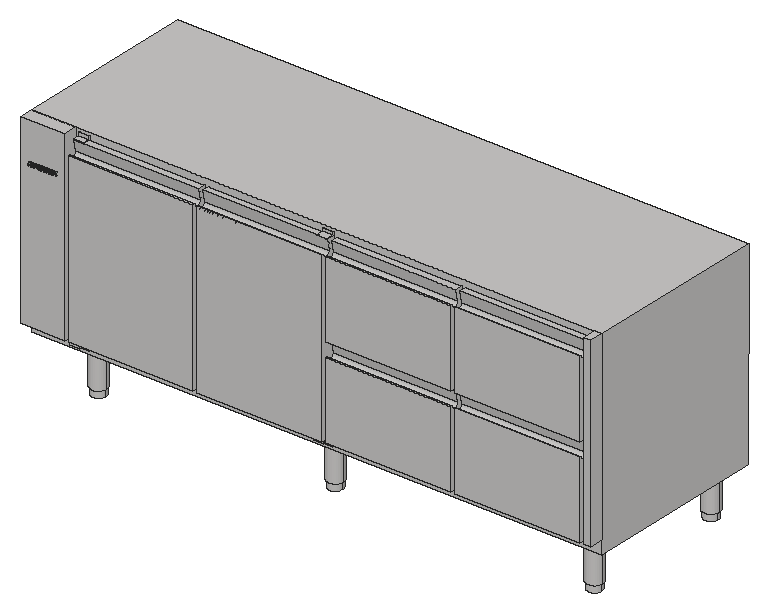
Revit family "QF_ALPENINOX_712184_AK4R8AABB", category Attrezzature speciali, Revit 2018
Family settings
  Quota connettore circolare = Usa diametro
  Tipo di parte = Normale
  Basato su piano di lavoro = No
  Sempre verticale = Sì
  Taglio con vuoti quando caricato = No
  Condiviso = No
  Punto di calcolo locali = No
Parameters (values of type "Standard")
  Weight = 109.00 kg
  Watts = 30 W
  Volts = 220 V
  URL Manufacturer = "http://www.alpeninox.com"
  URL = "http://www.alpeninox.com"
  Steam Supply Size = 0 mm
  Steam Supply Minimum Pressure = 0.0 Pa
  Steam Supply Maximum Pressure = 0.0 Pa
  Steam Consumption per Hour = 0
  Refrigeration Suction Line Size = 9.5 mm
  Refrigeration Liquid Line Size = 8 mm
  Refrigerant Compressor Remote = yes
  Produttore = "Alpeninox"
  Phase = 1
  Modello = "AK4R8AABB"
  Length Actual = 2011 mm  # constant formula
  Item Number = "712184"
  Hot Water Size = 0 mm
  Height Actual = 850 mm  # constant formula
  HP = "0 HP"
  Gas Size = 0 mm
  Gas KW = 0
  Gas Input Pressure = 0 W
  Direct Waste Size = 0 mm
  Descrizione = "2-DOOR AND 4X1/2-DRAWER REFRIGERATED COUNTER, -2+10°C, FULL AISI 304, WITHOUT WORK TOP, REMOTE"
  Depth Actual = 700 mm  # constant formula
  Cycle = 50 Hz
  Condensate Return Size = 0 mm
  Compressed Air Volume = 0.0 L/s
  Compressed Air Size = 0 mm
  Compressed Air Pressure = 0.0 Pa
  Cold Water Size = 0 mm
  Accessory = yes
Types (2, lengths in mm): name | URL | Refrigeration Suction Line Size | Refrigeration Liquid Line Size | Produttore | Phase | Modello | Descrizione
  (no name) | 0 | 0 | 0 | 0 | 0 | 0 | 0
  Standard | "http://www.alpeninox.com" | 9.5 | 8 | "Alpeninox" | 1 | "AK4R8AABB" | "2-DOOR AND 4X1/2-DRAWER REFRIGERATED COUNTER, -2+10°C, FULL AISI 304, WITHOUT WORK TOP, REMOTE"
Values of the unnamed type that differ from the named types
  Weight = 0.00 kg
  Watts = 0 W
  Volts = 0 V
  URL Manufacturer = ""
  Item Number = ""
  HP = ""
  Cycle = 0 Hz
Reference planes
  plane 1: z = 0
  plane 2 "Center (Left/Right)": x = -124.5
  plane 3 "Center (Front/Back)": y = 64.5
  plane 4 "FEET": z = 150
  plane 5 "TOP": z = 900
  plane 6 "PLAIN": z = 850
  plane 7 "EI_back": y = 349
  plane 8 "EI_left": x = -1064
  plane 9 "BACK": y = 412
  plane 10 "FRONT": y = -283
  plane 11 "DOOR": y = -233
  plane 12 "LEFT": x = -1130
  plane 13 "RIGHT": x = 881
  plane 14: x = -1105
  plane 15: x = 856
  plane 16 "RO_left": x = -1049
  plane 17 "RI_left": x = -1024
  plane 18 "RO_back": y = 54
  plane 19 "RI_back": y = 54
  plane 20 "DRAINleft": x = -1064
  plane 21 "DRAINback": y = 164
Forms (mm)
  Extrusion 1, solid, material "QF_Finishes_Stainless Steel"
    sketch origin (-1022.223, -1524, 150) x (-1, 0, 0) y (0, -1, 0)
      loop
        circle (41.777, -1873) r 5
    from 0 to -40
  Extrusion 2, solid, material "QF_Finishes_Stainless Steel"
    sketch origin (-1022.223, -1524, 150) x (-1, 0, 0) y (0, -1, 0)
      loop
        line (-1878.223, -1291) -> (-1878.223, -1241) -> (-1903.223, -1241) -> (-1903.223, -1291) -> (-1878.223, -1291)
    from 48 to 700
  Extrusion 3, solid, material "QF_Finishes_Stainless Steel"
    sketch origin (-1022.223, -1524, 150) x (-1, 0, 0) y (0, -1, 0)
      loop
        circle (26.777, -1578) r 4.25
    from 0 to -20
  Extrusion 4, solid, material "QF_Finishes_Stainless Steel"
    sketch origin (-1022.223, -1524, 150) x (-1, 0, 0) y (0, -1, 0)
      loop
        circle (1.777, -1578) r 4
    from 0 to -20
  Extrusion 5, solid, material "QF_Finishes_Stainless Steel"
    sketch origin (-1022.223, -1524, 150) x (-1, 0, 0) y (0, -1, 0)
      loop
        circle (41.777, -1688) r 8.5
    from 0 to -40
  Extrusion 6, solid, material "QF_Finishes_Stainless Steel"
    sketch origin (-1022.223, -1524, 150) x (-1, 0, 0) y (0, -1, 0)
      loop
        line (107.777, -1936) -> (107.777, -1291) -> (-1903.223, -1291) -> (-1903.223, -1936) -> (107.777, -1936)
    from 0 to 700
Lines and regions (mm)
  symbolic lines, style "SpecialityEquipmentHiddenLines"
    curve 1: line (-1130, 412, 150) -> (881, 412, 150)
    curve 2: line (-1130, -283, 150) -> (-1130, 412, 150)
    curve 3: line (881, -283, 150) -> (-1130, -283, 150)
    curve 4: line (881, 412, 150) -> (881, -283, 150)
    curve 5: line (-1130, -233, 150) -> (881, -233, 150)
    curve 6: line (856, -233, 150) -> (856, -283, 150)
Dimensions and locks
  plane 4 "FEET" to level = 150 mm
  plane 11 "DOOR" to plane 10 "FRONT" = 50 mm
  plane 6 "PLAIN" to plane 4 "FEET" = 700 mm
  plane 5 "TOP" to plane 6 "PLAIN" = 50 mm
  plane 12 "LEFT" to plane 14 = 25 mm
  plane 15 to plane 13 "RIGHT" = 25 mm
  plane 9 "BACK" to plane 18 "RO_back" = 358 mm
  plane 9 "BACK" to plane 7 "EI_back" = 63 mm
  plane 9 "BACK" to plane 19 "RI_back" = 358 mm
  plane 9 "BACK" to plane 21 "DRAINback" = 248 mm
  plane 12 "LEFT" to plane 20 "DRAINleft" = 66 mm
  plane 12 "LEFT" to plane 8 "EI_left" = 66 mm
  plane 12 "LEFT" to plane 17 "RI_left" = 106 mm
  plane 12 "LEFT" to plane 16 "RO_left" = 81 mm
  plane 9 "BACK" to plane 10 "FRONT" = 695 mm
  equal spacing: plane 9 "BACK", plane 3 "Center (Front/Back)", plane 10 "FRONT"
  plane 12 "LEFT" to plane 13 "RIGHT" = 2011 mm
  equal spacing: plane 12 "LEFT", plane 2 "Center (Left/Right)", plane 13 "RIGHT"
  aligned and locked: level to plane 1
Automatic sketch dimensions
  Extrusion 1 sketch curve to plane 7 "EI_back" = 0 mm
  Extrusion 1 sketch curve to plane 8 "EI_left" = 0 mm
  Extrusion 2 sketch curve to plane 11 "DOOR" = 0 mm
  Extrusion 2 sketch curve to plane 13 "RIGHT" = 0 mm
  Extrusion 2 sketch curve to plane 10 "FRONT" = 0 mm
  Extrusion 2 sketch curve to plane 15 = 0 mm
  Extrusion 3 sketch curve to plane 16 "RO_left" = 0 mm
  Extrusion 3 sketch curve to plane 18 "RO_back" = 0 mm
  Extrusion 4 sketch curve to plane 17 "RI_left" = 0 mm
  Extrusion 4 sketch curve to plane 19 "RI_back" = 0 mm
  Extrusion 5 sketch curve to plane 20 "DRAINleft" = 0 mm
  Extrusion 5 sketch curve to plane 21 "DRAINback" = 0 mm
  Extrusion 6 sketch curve to plane 9 "BACK" = 0 mm
  Extrusion 6 sketch curve to plane 13 "RIGHT" = 0 mm
  Extrusion 6 sketch curve to plane 11 "DOOR" = 0 mm
  Extrusion 6 sketch curve to plane 12 "LEFT" = 0 mm
  curve 1 to plane 13 "RIGHT" = 0 mm
  curve 6 to plane 15 = 0 mm
  curve 5 to plane 11 "DOOR" = 0 mm
  curve 5 to plane 12 "LEFT" = 0 mm
  curve 6 to plane 10 "FRONT" = 0 mm
  curve 1 to plane 9 "BACK" = 0 mm
  radius of Extrusion 1 sketch curve = 5 mm
  radius of Extrusion 3 sketch curve = 4.25 mm
  radius of Extrusion 4 sketch curve = 4 mm
  radius of Extrusion 5 sketch curve = 8.5 mm
Nested families
  nested 1: "HPC_Refrigerator" at (881, -283, 0), type "HPC_Refrigerator"
  nested 2: "HPC_FEET" at (-934, 331, 0), type "HPC_FEET"
  nested 3: "HPC_FEET" at (815, 331, 0), type "HPC_FEET"
  nested 4: "HPC_FEET" at (-934, -183, 0), type "HPC_FEET"
  nested 5: "HPC_FEET" at (815, -183, 0), type "HPC_FEET"
  nested 6: "HPC_FEET" at (-99, -183, 0), type "HPC_FEET"
  nested 7: "HPC_APX_REM_TN_L" at (-973.08, -233, 598) x (1, 0, 0) z (0, -1, 0), type "HPC_APX_REM_TN_L"
    with Show Logo yes
  nested 8: "HPC_APX_SD_L" at (-740, -233, 512) x (1, 0, 0) z (0, -1, 0), type "HPC_APX_SD_L"
    with Show Clearance yes
  nested 9: "HPC_APX_SD_R" at (-286, -233, 512) x (1, 0, 0) z (0, -1, 0), type "HPC_APX_SD_R"
    with Show Clearance yes
  nested 10: "HPC_APX_HALF" at (168, -233, 512) x (1, 0, 0) z (0, -1, 0), type "HPC_APX_HALF"
    with Show Clearance yes
  nested 11: "HPC_APX_HALF" at (622, -233, 512) x (1, 0, 0) z (0, -1, 0), type "HPC_APX_HALF"
    with Show Clearance yes
Connectors
  electrical at (-1064, 349, 110), driven by "Volts"
    settings: on Extrusion 1, index 1, voltage 220 V, apparent load 0 VA, apparent load phase1 0 VA, apparent load phase2 0 VA, apparent load phase3 0 VA, power factor 1, load classification "Other", number of poles 1, system type 31, power factor state 1, is connector primary yes, connector utility no, sub classification motor no, connector description "Electrical Connection"
  piping at (-1049, 54, 130), diameter 9.5, driven by "Refrigeration Suction Line Size"
    settings: on Extrusion 3, index 3, connector inside diameter 609.6 mm, connector length 0 mm, flow factor 0, pipe flow 0.0 L/s, pressure drop 0.0 Pa, fitting loss kfactor 0, connector angle 0.00°, fixture units 0, engagement length 0 mm, angle of deflection 0.00°, flow configuration 1, flow direction 2, fitting loss method 0, system type 8, joint type 0, gender type 0, connector reference index -1, connector utility 0, adjustable connector no, is connector primary yes, connector description "Refrigerant Outlet"
  piping at (-1024, 54, 130), diameter 8, driven by "Refrigeration Liquid Line Size"
    settings: on Extrusion 4, index 4, connector inside diameter 609.6 mm, connector length 0 mm, flow factor 0, pipe flow 0.0 L/s, pressure drop 0.0 Pa, fitting loss kfactor 0, connector angle 0.00°, fixture units 0, engagement length 0 mm, angle of deflection 0.00°, flow configuration 1, flow direction 1, fitting loss method 0, system type 7, joint type 0, gender type 0, connector reference index -1, connector utility 0, adjustable connector no, is connector primary no, connector description "Refrigerant Inlet"
  piping at (-1064, 164, 110), diameter 17
    settings: on Extrusion 5, index 5, connector inside diameter 609.6 mm, connector length 0 mm, flow factor 0, pipe flow 0.0 L/s, pressure drop 0.0 Pa, fitting loss kfactor 0, connector angle 0.00°, fixture units 0, engagement length 0 mm, angle of deflection 0.00°, flow configuration 1, flow direction 2, fitting loss method 0, system type 16, joint type 0, gender type 0, connector reference index -1, connector utility 0, adjustable connector no, is connector primary no, connector description "Drain"
Definition of nested family "HPC_FEET"
  Parameters
    FEET = 150 mm
  Reference planes
    plane 1 "Center (Front/Back)": y = 0
    plane 2: z = 0
    plane 3 "Center (Left/Right)": x = 0
    plane 4: z = 150
  Forms (mm)
    Revolve 1, solid
      sketch origin (255.05, 0, 608.09) x (0, 0, 1) y (-1, 0, 0)
        loop
          line (-608.09, 255.05) -> (-608.09, 230.05) -> (-583.09, 230.05) -> (-583.09, 226.05) -> (-458.09, 226.05) -> (-458.09, 255.05) -> (-608.09, 255.05)
        axis (-608.09, 255.05) -> (-458.09, 255.05)
      angle from 0 to 360
  Dimensions and locks
    locked: Revolve 1 sketch curve to Revolve 1 sketch curve at 125
    "FEET": plane 4 to plane 2
    aligned and locked: level to plane 2
    aligned and locked: plane 4 to Revolve 1 sketch curve
    aligned and locked: Revolve 1 sketch curve to level
    aligned and locked: plane 3 "Center (Left/Right)" to Revolve 1 sketch curve
  Automatic sketch dimensions
    Revolve 1 sketch curve to plane 3 "Center (Left/Right)" = 0 mm
    Revolve 1 sketch curve to Revolve 1 sketch curve = 25 mm
    Revolve 1 sketch curve to Revolve 1 sketch curve = 29 mm
    plane 4 to Revolve 1 sketch curve = 50 mm
    Revolve 1 sketch curve to Revolve 1 sketch curve = 20 mm
Definition of nested family "HPC_APX_REM_TN_L"
  Parameters
    Show Logo [instance] = yes
    Default Elevation = 1219.2 mm
  Reference planes
    plane 1 "Centro (Fronte/Retro)": y = -74
    plane 2: z = 0
    plane 3 "Centro (Sinistra/Destra)": x = -78.92
  Forms (mm)
    Extrusion 1, solid
      sketch origin (0, 0, 0) x (1, 0, 0) y (0, 1, 0)
        loop
          line (-1219.2, 1219.2) -> (-1219.2, -1219.2) -> (1219.2, -1219.2) -> (1219.2, 1219.2) -> (-1219.2, 1219.2)
      from 0 to -304.8
    Extrusion 2, solid
      sketch origin (1.08, 0, 0) x (1, 0, 0) y (0, 1, 0)
        loop
          line (-158, 252) -> (-158, -400) -> (-2, -400) -> (-2, 252) -> (-158, 252)
      from 0 to 50
    Extrusion 3, solid
      sketch origin (44.22, -49.023, 0) x (1, 0, 0) y (0, 1, 0)
        loop
          line (-168.675, 170.349) -> (-172.411, 160.318)
          arc (-172.411, 160.318) -> (-171.624, 158.497) -> (-169.837, 159.36) r 1.374
          line (-169.837, 159.36) -> (-169.268, 161.111) -> (-164.1, 161.111) -> (-163.54, 159.379)
          arc (-163.54, 159.379) -> (-161.802, 158.542) -> (-161.049, 160.318) r 1.333
          line (-161.049, 160.318) -> (-164.694, 170.349)
          arc (-164.694, 170.349) -> (-166.685, 171.876) -> (-168.675, 170.349) r 2.06
        loop
          line (-166.681, 169.055) -> (-168.469, 163.655) -> (-164.935, 163.655) -> (-166.681, 169.055)
        loop
          arc (-159.705, 160.042) -> (-159.262, 158.973) -> (-158.194, 158.531) r 1.512
          line (-158.194, 158.531) -> (-153.608, 158.531)
          arc (-153.608, 158.531) -> (-152.337, 159.802) -> (-153.608, 161.074) r 1.272
          line (-153.608, 161.074) -> (-156.917, 161.074) -> (-156.917, 170.328)
          arc (-156.917, 170.328) -> (-158.311, 171.722) -> (-159.705, 170.328) r 1.394
          line (-159.705, 170.328) -> (-159.705, 160.042)
        loop
          line (-151.076, 170.218) -> (-151.076, 159.859)
          arc (-151.076, 159.859) -> (-149.683, 158.466) -> (-148.29, 159.859) r 1.393
          line (-148.29, 159.859) -> (-148.29, 162.882) -> (-146.225, 162.882)
          arc (-146.225, 162.882) -> (-142.999, 163.859) -> (-141.608, 166.928) r 4.082
          arc (-141.608, 166.928) -> (-142.993, 170.272) -> (-146.336, 171.657) r 4.728
          line (-146.336, 171.657) -> (-149.638, 171.657)
          arc (-149.638, 171.657) -> (-150.655, 171.235) -> (-151.076, 170.218) r 1.439
        loop
          line (-148.29, 165.313) -> (-146.388, 165.313)
          arc (-146.388, 165.313) -> (-144.433, 167.268) -> (-146.388, 169.222) r 1.955
          line (-146.388, 169.222) -> (-148.29, 169.222) -> (-148.29, 165.313)
        loop
          arc (-131.184, 166.332) -> (-132.004, 168.2) -> (-133.767, 169.228) r 3.3
          arc (-133.767, 169.228) -> (-136.353, 168.661) -> (-137.611, 166.332) r 3.176
          line (-137.611, 166.332) -> (-131.184, 166.332)
        loop
          line (-137.538, 163.743) -> (-130.544, 163.743)
          arc (-130.544, 163.743) -> (-129.292, 163.916) -> (-128.301, 164.701) r 2.4
          arc (-128.301, 164.701) -> (-128.155, 165.545) -> (-128.212, 166.399) r 3.635
          arc (-128.212, 166.399) -> (-130.364, 170.162) -> (-134.39, 171.769) r 6.579
          arc (-134.39, 171.769) -> (-138.918, 169.706) -> (-140.661, 165.044) r 6.501
          arc (-140.661, 165.044) -> (-139.276, 160.789) -> (-135.401, 158.549) r 6.252
          arc (-135.401, 158.549) -> (-132.922, 158.526) -> (-130.544, 159.232) r 8.361
          arc (-130.544, 159.232) -> (-129.466, 159.781) -> (-128.641, 160.666) r 3.486
          arc (-128.641, 160.666) -> (-128.419, 161.592) -> (-128.828, 162.451) r 1.425
          arc (-128.828, 162.451) -> (-129.368, 162.762) -> (-129.99, 162.762) r 1.203
          arc (-129.99, 162.762) -> (-130.406, 162.59) -> (-130.764, 162.316) r 1.724
          arc (-130.764, 162.316) -> (-131.666, 161.705) -> (-132.646, 161.229) r 7.6
          arc (-132.646, 161.229) -> (-135.676, 161.35) -> (-137.538, 163.743) r 3.6
        loop
          line (-126.669, 170.328) -> (-126.669, 159.859)
          arc (-126.669, 159.859) -> (-125.273, 158.463) -> (-123.878, 159.859) r 1.396
          line (-123.878, 159.859) -> (-123.878, 166.785) -> (-117.946, 159.029)
          arc (-117.946, 159.029) -> (-116.361, 158.51) -> (-115.379, 159.859) r 1.417
          line (-115.379, 159.859) -> (-115.379, 170.328)
          arc (-115.379, 170.328) -> (-116.774, 171.723) -> (-118.169, 170.328) r 1.395
          line (-118.169, 170.328) -> (-118.169, 163.311) -> (-124.101, 171.157)
          arc (-124.101, 171.157) -> (-125.687, 171.678) -> (-126.669, 170.328) r 1.418
        loop
          arc (-113.636, 159.859) -> (-112.241, 158.464) -> (-110.847, 159.859) r 1.394
          line (-110.847, 159.859) -> (-110.847, 170.328)
          arc (-110.847, 170.328) -> (-112.241, 171.723) -> (-113.636, 170.328) r 1.394
          line (-113.636, 170.328) -> (-113.636, 159.859)
        loop
          line (-109.102, 170.328) -> (-109.102, 159.859)
          arc (-109.102, 159.859) -> (-107.706, 158.463) -> (-106.31, 159.859) r 1.396
          line (-106.31, 159.859) -> (-106.31, 166.785) -> (-100.378, 159.029)
          arc (-100.378, 159.029) -> (-98.793, 158.51) -> (-97.812, 159.859) r 1.417
          line (-97.812, 159.859) -> (-97.812, 170.328)
          arc (-97.812, 170.328) -> (-99.207, 171.723) -> (-100.602, 170.328) r 1.395
          line (-100.602, 170.328) -> (-100.602, 163.311) -> (-106.533, 171.157)
          arc (-106.533, 171.157) -> (-108.119, 171.678) -> (-109.102, 170.328) r 1.418
        loop
          arc (-96.345, 165.093) -> (-95.619, 161.877) -> (-93.467, 159.379) r 6.806
          arc (-93.467, 159.379) -> (-91.792, 158.566) -> (-89.948, 158.31) r 5.956
          arc (-89.948, 158.31) -> (-88.104, 158.566) -> (-86.43, 159.379) r 5.956
          arc (-86.43, 159.379) -> (-84.277, 161.877) -> (-83.551, 165.093) r 6.806
          arc (-83.551, 165.093) -> (-84.277, 168.31) -> (-86.43, 170.808) r 6.806
          arc (-86.43, 170.808) -> (-88.104, 171.621) -> (-89.948, 171.877) r 5.956
          arc (-89.948, 171.877) -> (-91.792, 171.621) -> (-93.467, 170.808) r 5.956
          arc (-93.467, 170.808) -> (-95.619, 168.31) -> (-96.345, 165.093) r 6.806
        loop
          arc (-93.425, 165.093) -> (-93.138, 163.212) -> (-92.081, 161.629) r 4.387
          arc (-92.081, 161.629) -> (-91.087, 161.049) -> (-89.948, 160.881) r 3.035
          arc (-89.948, 160.881) -> (-88.809, 161.049) -> (-87.815, 161.629) r 3.035
          arc (-87.815, 161.629) -> (-86.759, 163.212) -> (-86.472, 165.093) r 4.387
          arc (-86.472, 165.093) -> (-86.759, 166.975) -> (-87.815, 168.558) r 4.387
          arc (-87.815, 168.558) -> (-88.809, 169.138) -> (-89.948, 169.306) r 3.035
          arc (-89.948, 169.306) -> (-91.087, 169.138) -> (-92.081, 168.558) r 3.035
          arc (-92.081, 168.558) -> (-93.138, 166.975) -> (-93.425, 165.093) r 4.387
        loop
          line (-82.843, 169.609) -> (-79.829, 165.552) -> (-83.513, 160.652)
          arc (-83.513, 160.652) -> (-83.216, 158.692) -> (-81.262, 159.029) r 1.388
          line (-81.262, 159.029) -> (-78.213, 163.232) -> (-75.164, 159.029)
          arc (-75.164, 159.029) -> (-73.211, 158.692) -> (-72.913, 160.652) r 1.388
          line (-72.913, 160.652) -> (-76.597, 165.552) -> (-73.584, 169.609)
          arc (-73.584, 169.609) -> (-73.952, 171.597) -> (-75.908, 171.084) r 1.38
          line (-75.908, 171.084) -> (-78.213, 167.841) -> (-80.519, 171.084)
          arc (-80.519, 171.084) -> (-82.474, 171.597) -> (-82.843, 169.609) r 1.38
      from 50 to 51.6
  Lines and regions (mm)
    Split face 1
      outline origin (1.08, 0, 50) x (1, 0, 0) y (0, 1, 0)
        loop
          line (-2, 188) -> (-158, 188)
    Split face 2
      outline origin (1.08, 0, 50) x (1, 0, 0) y (0, 1, 0)
        loop
          line (-158, 178) -> (-2, 178)
    Split face 3
      outline origin (1.08, 0, 50) x (1, 0, 0) y (0, 1, 0)
        loop
          line (-2, 104) -> (-158, 104)
    Split face 4
      outline origin (1.08, 0, 50) x (1, 0, 0) y (0, 1, 0)
        loop
          line (-2, 94) -> (-158, 94)
    Split face 5
      outline origin (1.08, 0, 50) x (1, 0, 0) y (0, 1, 0)
        loop
          line (-110, 163.931) -> (-110, 134.412) -> (-50, 134.412) -> (-50, 163.931) -> (-110, 163.931)
    Split face 6
      outline origin (1.08, 0, 50) x (1, 0, 0) y (0, 1, 0)
        loop
          line (-70, 160.931) -> (-70, 137.412) -> (-53, 137.412) -> (-53, 160.931) -> (-70, 160.931)
    symbolic lines
      curve 1: line (-2, -74, 50) -> (-2, -74, 0)
  Dimensions and locks
    equal spacing: Extrusion 2, plane 3 "Centro (Sinistra/Destra)", Extrusion 2
    equal spacing: Extrusion 2, plane 1 "Centro (Fronte/Retro)", Extrusion 2
    aligned and locked: plane 2 to Extrusion 1
    aligned and locked: level to Extrusion 1
  Automatic sketch dimensions
    curve 1 to level = 0 mm
    plane 3 "Centro (Sinistra/Destra)" to curve 1 = 76.92 mm
    curve 1 to curve 1 = 50 mm
    Extrusion 1 sketch curve to Extrusion 1 sketch curve = 2438.4 mm  (x2)
    Extrusion 2 sketch curve to plane 3 "Centro (Sinistra/Destra)" = 78 mm
    plane 3 "Centro (Sinistra/Destra)" to Extrusion 2 sketch curve = 78 mm
    plane 1 "Centro (Fronte/Retro)" to Extrusion 2 sketch curve = 326 mm
    Extrusion 2 sketch curve to plane 1 "Centro (Fronte/Retro)" = 326 mm
    Extrusion 3 sketch curve to plane 3 "Centro (Sinistra/Destra)" = 49.27 mm
    Extrusion 3 sketch curve to Extrusion 3 sketch curve = 1.266 mm
    Extrusion 3 sketch curve to Extrusion 3 sketch curve = 1.307 mm
    Extrusion 3 sketch curve to Extrusion 3 sketch curve = 0.57 mm
    Extrusion 3 sketch curve to Extrusion 3 sketch curve = 0.593 mm
    Extrusion 3 sketch curve to Extrusion 3 sketch curve = 0.799 mm
    Extrusion 3 sketch curve to Extrusion 3 sketch curve = 1.99 mm  (x2)
    Extrusion 3 sketch curve to Extrusion 3 sketch curve = 0.003 mm
    Extrusion 3 sketch curve to Extrusion 3 sketch curve = 3.534 mm
    Extrusion 3 sketch curve to Extrusion 3 sketch curve = 0.835 mm
    Extrusion 3 sketch curve to Extrusion 3 sketch curve = 0.56 mm
    Extrusion 3 sketch curve to Extrusion 3 sketch curve = 1.268 mm
    Extrusion 3 sketch curve to Extrusion 3 sketch curve = 1.223 mm
    Extrusion 3 sketch curve to Extrusion 3 sketch curve = 1.344 mm
    Extrusion 3 sketch curve to Extrusion 3 sketch curve = 1.394 mm  (x2)
    Extrusion 3 sketch curve to Extrusion 3 sketch curve = 1.512 mm
    Extrusion 3 sketch curve to Extrusion 3 sketch curve = 3.309 mm
    Extrusion 3 sketch curve to Extrusion 3 sketch curve = 5.841 mm
    Extrusion 3 sketch curve to Extrusion 3 sketch curve = 1.393 mm
    Extrusion 3 sketch curve to Extrusion 3 sketch curve = 1.439 mm
    Extrusion 3 sketch curve to Extrusion 3 sketch curve = 0 mm  (x19)
    Extrusion 3 sketch curve to Extrusion 3 sketch curve = 1.902 mm
    Extrusion 3 sketch curve to Extrusion 3 sketch curve = 0.052 mm
    Extrusion 3 sketch curve to Extrusion 3 sketch curve = 2.065 mm
    Extrusion 3 sketch curve to Extrusion 3 sketch curve = 0.647 mm
    Extrusion 3 sketch curve to Extrusion 3 sketch curve = 8.079 mm
    Extrusion 3 sketch curve to Extrusion 3 sketch curve = 0.073 mm
    Extrusion 3 sketch curve to Extrusion 3 sketch curve = 2.145 mm
    Extrusion 3 sketch curve to Extrusion 3 sketch curve = 2.931 mm
    Extrusion 3 sketch curve to Extrusion 3 sketch curve = 0.213 mm
    Extrusion 3 sketch curve to Extrusion 3 sketch curve = 0.026 mm
    Extrusion 3 sketch curve to Extrusion 3 sketch curve = 0.263 mm
    Extrusion 3 sketch curve to Extrusion 3 sketch curve = 0.516 mm
    Extrusion 3 sketch curve to Extrusion 3 sketch curve = 0.356 mm
    Extrusion 3 sketch curve to Extrusion 3 sketch curve = 0.387 mm
    Extrusion 3 sketch curve to Extrusion 3 sketch curve = 2.378 mm
    Extrusion 3 sketch curve to Extrusion 3 sketch curve = 2.466 mm
    Extrusion 3 sketch curve to Extrusion 3 sketch curve = 0.602 mm
    Extrusion 3 sketch curve to Extrusion 3 sketch curve = 1.02 mm
    Extrusion 3 sketch curve to Extrusion 3 sketch curve = 0.949 mm
    Extrusion 3 sketch curve to Extrusion 3 sketch curve = 1.728 mm
    Extrusion 3 sketch curve to Extrusion 3 sketch curve = 0.157 mm  (x2)
    Extrusion 3 sketch curve to Extrusion 3 sketch curve = 0.292 mm
    Extrusion 3 sketch curve to plane 3 "Centro (Sinistra/Destra)" = 3.529 mm
    Extrusion 3 sketch curve to Extrusion 3 sketch curve = 1.396 mm  (x2)
    Extrusion 3 sketch curve to Extrusion 3 sketch curve = 1.418 mm  (x2)
    Extrusion 3 sketch curve to plane 3 "Centro (Sinistra/Destra)" = 0.96 mm
    plane 3 "Centro (Sinistra/Destra)" to Extrusion 3 sketch curve = 4.971 mm
    Extrusion 3 sketch curve to Extrusion 3 sketch curve = 0.224 mm  (x2)
    Extrusion 3 sketch curve to Extrusion 3 sketch curve = 1.149 mm  (x2)
    Extrusion 3 sketch curve to Extrusion 3 sketch curve = 1.395 mm  (x2)
    Extrusion 3 sketch curve to Extrusion 3 sketch curve = 1.744 mm
    Extrusion 3 sketch curve to Extrusion 3 sketch curve = 1.745 mm
    Extrusion 3 sketch curve to Extrusion 3 sketch curve = 1.151 mm
    Extrusion 3 sketch curve to Extrusion 3 sketch curve = 5.709 mm
    Extrusion 3 sketch curve to Extrusion 3 sketch curve = 6.963 mm
    Extrusion 3 sketch curve to Extrusion 3 sketch curve = 0.493 mm  (x3)
    Extrusion 3 sketch curve to Extrusion 3 sketch curve = 0.273 mm  (x2)
    Extrusion 3 sketch curve to Extrusion 3 sketch curve = 0.021 mm  (x2)
    Extrusion 3 sketch curve to Extrusion 3 sketch curve = 0.226 mm  (x2)
    Extrusion 3 sketch curve to Extrusion 3 sketch curve = 0.268 mm  (x2)
    Extrusion 3 sketch curve to Extrusion 3 sketch curve = 0.294 mm
    Extrusion 3 sketch curve to Extrusion 3 sketch curve = 5.534 mm
    Extrusion 3 sketch curve to Extrusion 3 sketch curve = 6.205 mm
    Extrusion 3 sketch curve to Extrusion 3 sketch curve = 1.109 mm  (x2)
    Extrusion 3 sketch curve to Extrusion 3 sketch curve = 1.108 mm  (x2)
    Extrusion 3 sketch curve to Extrusion 3 sketch curve = 1.142 mm  (x2)
    Extrusion 3 sketch curve to Extrusion 3 sketch curve = 1.216 mm  (x2)
    Extrusion 3 sketch curve to Extrusion 3 sketch curve = 3.013 mm
    Extrusion 3 sketch curve to Extrusion 3 sketch curve = 1.616 mm  (x3)
    Extrusion 3 sketch curve to Extrusion 3 sketch curve = 2.305 mm
    Extrusion 3 sketch curve to Extrusion 3 sketch curve = 3.049 mm
    Extrusion 3 sketch curve to plane 1 "Centro (Fronte/Retro)" = 183.508 mm
    Extrusion 3 sketch curve to Extrusion 3 sketch curve = 0.498 mm
    Extrusion 3 sketch curve to Extrusion 3 sketch curve = 0.682 mm
    Extrusion 3 sketch curve to Extrusion 3 sketch curve = 0.664 mm
    Extrusion 3 sketch curve to Extrusion 3 sketch curve = 0.425 mm
    Extrusion 3 sketch curve to Extrusion 3 sketch curve = 0.41 mm
    Extrusion 3 sketch curve to Extrusion 3 sketch curve = 1.272 mm
    Extrusion 3 sketch curve to Extrusion 3 sketch curve = 0.789 mm  (x2)
    Extrusion 3 sketch curve to Extrusion 3 sketch curve = 0.056 mm
    Extrusion 3 sketch curve to Extrusion 3 sketch curve = 0.83 mm
    Extrusion 3 sketch curve to Extrusion 3 sketch curve = 1.238 mm
    Extrusion 3 sketch curve to Extrusion 3 sketch curve = 1.732 mm
    Extrusion 3 sketch curve to Extrusion 3 sketch curve = 0.346 mm
    Extrusion 3 sketch curve to Extrusion 3 sketch curve = 1.123 mm
    Extrusion 3 sketch curve to Extrusion 3 sketch curve = 3.023 mm
    Extrusion 3 sketch curve to Extrusion 3 sketch curve = 4.203 mm
    Extrusion 3 sketch curve to Extrusion 3 sketch curve = 3.452 mm  (x2)
    Extrusion 3 sketch curve to Extrusion 3 sketch curve = 2.544 mm
    Extrusion 3 sketch curve to Extrusion 3 sketch curve = 1.177 mm
    Extrusion 3 sketch curve to Extrusion 3 sketch curve = 3.261 mm
    Extrusion 3 sketch curve to Extrusion 3 sketch curve = 0.352 mm  (x2)
    Extrusion 3 sketch curve to Extrusion 3 sketch curve = 1.987 mm
    Extrusion 3 sketch curve to Extrusion 3 sketch curve = 0.171 mm
    Extrusion 3 sketch curve to Extrusion 3 sketch curve = 0.533 mm  (x3)
    Extrusion 3 sketch curve to Extrusion 3 sketch curve = 0.14 mm  (x4)
    Extrusion 3 sketch curve to Extrusion 3 sketch curve = 0.473 mm
    Extrusion 3 sketch curve to Extrusion 3 sketch curve = 0.31 mm  (x2)
    Extrusion 3 sketch curve to Extrusion 3 sketch curve = 0.075 mm
    Extrusion 3 sketch curve to Extrusion 3 sketch curve = 2.431 mm
    Extrusion 3 sketch curve to Extrusion 3 sketch curve = 2.32 mm  (x2)
    Extrusion 3 sketch curve to Extrusion 3 sketch curve = 1.992 mm
    Extrusion 3 sketch curve to Extrusion 3 sketch curve = 0.674 mm
    Extrusion 3 sketch curve to Extrusion 3 sketch curve = 0.732 mm
    Extrusion 3 sketch curve to Extrusion 3 sketch curve = 0.388 mm
    Extrusion 3 sketch curve to Extrusion 3 sketch curve = 0.121 mm
    Extrusion 3 sketch curve to Extrusion 3 sketch curve = 2.589 mm
    Extrusion 3 sketch curve to Extrusion 3 sketch curve = 0.662 mm
    Extrusion 3 sketch curve to Extrusion 3 sketch curve = 3.473 mm
    Extrusion 3 sketch curve to Extrusion 3 sketch curve = 0.681 mm
    Extrusion 3 sketch curve to Extrusion 3 sketch curve = 1.615 mm
    Extrusion 3 sketch curve to Extrusion 3 sketch curve = 0.34 mm
    Extrusion 3 sketch curve to Extrusion 3 sketch curve = 2.288 mm
    Extrusion 3 sketch curve to Extrusion 3 sketch curve = 0.942 mm
    Extrusion 3 sketch curve to Extrusion 3 sketch curve = 5.4 mm
    Extrusion 3 sketch curve to Extrusion 3 sketch curve = 1.768 mm  (x2)
    Extrusion 3 sketch curve to Extrusion 3 sketch curve = 0.761 mm
    Extrusion 3 sketch curve to Extrusion 3 sketch curve = 0.996 mm
    Extrusion 3 sketch curve to Extrusion 3 sketch curve = 3.543 mm  (x2)
    Extrusion 3 sketch curve to Extrusion 3 sketch curve = 7.017 mm
    Extrusion 3 sketch curve to Extrusion 3 sketch curve = 0.11 mm
    Extrusion 3 sketch curve to Extrusion 3 sketch curve = 0.823 mm  (x2)
    Extrusion 3 sketch curve to Extrusion 3 sketch curve = 0.947 mm
    Extrusion 3 sketch curve to Extrusion 3 sketch curve = 3.837 mm
    Extrusion 3 sketch curve to Extrusion 3 sketch curve = 0.623 mm
    Extrusion 3 sketch curve to Extrusion 3 sketch curve = 1.082 mm
    Extrusion 3 sketch curve to Extrusion 3 sketch curve = 0.801 mm
    Extrusion 3 sketch curve to Extrusion 3 sketch curve = 1 mm
    Extrusion 3 sketch curve to Extrusion 3 sketch curve = 0.089 mm
    Extrusion 3 sketch curve to Extrusion 3 sketch curve = 4.257 mm
    Extrusion 3 sketch curve to Extrusion 3 sketch curve = 4.345 mm  (x2)
    Extrusion 3 sketch curve to Extrusion 3 sketch curve = 2.576 mm
    Extrusion 3 sketch curve to Extrusion 3 sketch curve = 1.385 mm  (x4)
    Extrusion 3 sketch curve to Extrusion 3 sketch curve = 2.133 mm  (x4)
    Extrusion 3 sketch curve to Extrusion 3 sketch curve = 3.518 mm
    Extrusion 3 sketch curve to Extrusion 3 sketch curve = 5.603 mm
    Extrusion 3 sketch curve to Extrusion 3 sketch curve = 2.571 mm
    Split face 1 sketch curve to Extrusion 2 = 0 mm  (x2)
    Split face 1 sketch curve to Extrusion 2 = 64 mm
    Split face 2 sketch curve to Extrusion 2 = 0 mm
    Split face 2 sketch curve to Extrusion 2 = 74 mm
    Extrusion 2 to Split face 2 sketch curve = 0 mm
    Split face 3 sketch curve to Extrusion 2 = 0 mm  (x2)
    Split face 3 sketch curve to Extrusion 2 = 148 mm
    Split face 4 sketch curve to Extrusion 2 = 0 mm  (x2)
    Split face 4 sketch curve to Extrusion 2 = 158 mm
    Split face 5 sketch curve to Extrusion 2 = 48 mm  (x2)
    Split face 5 sketch curve to Extrusion 2 = 117.588 mm
    Split face 5 sketch curve to Split face 5 sketch curve = 29.518 mm
    Split face 6 sketch curve to Extrusion 2 = 68 mm
    Split face 6 sketch curve to Split face 6 sketch curve = 17 mm
    Split face 6 sketch curve to Extrusion 2 = 114.588 mm
    Split face 6 sketch curve to Split face 6 sketch curve = 23.518 mm
Definition of nested family "HPC_APX_SD_L"
  Parameters
    Show Clearance [instance] = yes
    Default Elevation = 1219.2 mm
  Reference planes
    plane 1 "Center (Front/Back)": y = 0
    plane 2: z = 0
    plane 3 "Center (Left/Right)": x = 0
    plane 4: x = -234
    plane 5: x = 234
  Forms (mm)
    Extrusion 1, solid
      sketch origin (0, 0, 0) x (1, 0, 0) y (0, 1, 0)
        loop
          line (-1219.2, 1219.2) -> (-1219.2, -1219.2) -> (1219.2, -1219.2) -> (1219.2, 1219.2) -> (-1219.2, 1219.2)
      from 0 to -304.8
    Extrusion 2, solid
      sketch origin (0, 0, -3) x (0, 1, 0) y (0, 0, 1)
        loop
          line (-314, 53) -> (-314, 3) -> (314, 3) -> (314, 29) -> (274.395, 20)
          arc (274.395, 20) -> (260.396, 33.803) -> (274, 47.994) r 14
          line (274, 47.994) -> (274, 53) -> (-314, 53)
      from -220 to 220
    Extrusion 3, solid
      sketch origin (0, 0, 0) x (0, 1, 0) y (0, 0, -1)
        loop
          line (-323.003, -40.312) -> (-323.003, -12.259) -> (-323.003, 0) -> (-351.511, 0) -> (-351.511, -2.5) -> (-325.503, -2.5) -> (-325.503, -42.812) -> (-316.501, -42.812) -> (-316.501, -40.312) -> (-323.003, -40.312)
        loop
          line (-314, -38.311) -> (-314, -11.804) -> (-319.752, -11.804) -> (-319.752, -14.304) -> (-316.501, -14.304) -> (-316.501, -38.311) -> (-314, -38.311)
        loop
          line (315.003, -27.948) -> (317.503, -27.948) -> (317.503, -2.5) -> (327.503, -2.5) -> (327.503, 0) -> (315.003, 0) -> (315.003, -2.948) -> (315.003, -27.948)
      from 185 to 220
    Extrusion 4, solid, visible <- "Show Clearance", detail levels coarse
      sketch origin (0, 0, -3) x (-1, 0, 0) y (0, 0, -1)
        loop
          line (220, -53) -> (-220, -53)
          arc (-220, -53) -> (-79.636, -340.04) -> (220, -451) r 430
          line (220, -451) -> (220, -53)
      from -314 to 314
  Lines and regions (mm)
    symbolic lines
      curve 1: arc (219.599, 0, 55) -> (95.934, 0, 321.503) -> (-170, 0, 446.39) r 430
      curve 2: line (-220, 0, 55) -> (-220, 0, 448)
      curve 3: line (-170, 0, 55) -> (-170, 0, 448)
      curve 4: line (-220, 0, 448) -> (-170, 0, 448)
  Dimensions and locks
    plane 4 to plane 3 "Center (Left/Right)" to plane 5 = 234 mm locked, 234 mm locked
    aligned and locked: plane 2 to Extrusion 1
    aligned and locked: level to Extrusion 1
Definition of nested family "HPC_APX_SD_R"
  Parameters
    Show Clearance [instance] = yes
    Default Elevation = 1219.2 mm
  Reference planes
    plane 1 "Center (Front/Back)": y = 0
    plane 2: z = 0
    plane 3 "Center (Left/Right)": x = 0
    plane 4: x = -234
    plane 5: x = 234
  Forms (mm)
    Extrusion 1, solid
      sketch origin (0, 0, 0) x (1, 0, 0) y (0, 1, 0)
        loop
          line (-1219.2, 1219.2) -> (-1219.2, -1219.2) -> (1219.2, -1219.2) -> (1219.2, 1219.2) -> (-1219.2, 1219.2)
      from 0 to -304.8
    Extrusion 2, solid
      sketch origin (0, 0, -3) x (0, 1, 0) y (0, 0, -1)
        loop
          line (-314, -53) -> (274, -53) -> (274, -47.994)
          arc (274, -47.994) -> (260.396, -33.803) -> (274.395, -20) r 14
          line (274.395, -20) -> (314, -29) -> (314, -3) -> (-314, -3) -> (-314, -53)
      from -220 to 220
    Extrusion 3, solid
      sketch origin (0, 0, 0) x (0, 1, 0) y (0, 0, 1)
        loop
          line (-323.003, 40.312) -> (-316.501, 40.312) -> (-316.501, 42.812) -> (-325.503, 42.812) -> (-325.503, 2.5) -> (-351.511, 2.5) -> (-351.511, 0) -> (-323.003, 0) -> (-323.003, 12.259) -> (-323.003, 40.312)
        loop
          line (-314, 38.311) -> (-316.501, 38.311) -> (-316.501, 14.304) -> (-319.752, 14.304) -> (-319.752, 11.804) -> (-314, 11.804) -> (-314, 38.311)
        loop
          line (315.003, 27.948) -> (315.003, 2.948) -> (315.003, 0) -> (327.503, 0) -> (327.503, 2.5) -> (317.503, 2.5) -> (317.503, 27.948) -> (315.003, 27.948)
      from 185 to 220
    Extrusion 4, solid, visible <- "Show Clearance", detail levels coarse
      sketch origin (0, 0, -3) x (1, 0, 0) y (0, 0, 1)
        loop
          line (220, 53) -> (220, 451)
          arc (220, 451) -> (-79.636, 340.04) -> (-220, 53) r 430
          line (-220, 53) -> (220, 53)
      from -314 to 314
  Lines and regions (mm)
    symbolic lines
      curve 1: arc (-219.599, 0, 55) -> (-95.934, 0, 321.503) -> (170, 0, 446.39) r 430
      curve 2: line (220, 0, 55) -> (220, 0, 448)
      curve 3: line (170, 0, 55) -> (170, 0, 448)
      curve 4: line (220, 0, 448) -> (170, 0, 448)
  Dimensions and locks
    plane 4 to plane 3 "Center (Left/Right)" to plane 5 = 234 mm locked, 234 mm locked
    aligned and locked: plane 2 to Extrusion 1
    aligned and locked: level to Extrusion 1
Definition of nested family "HPC_APX_HALF"
  Parameters
    Show Clearance [instance] = yes
    Default Elevation = 1219.2 mm
  Reference planes
    plane 1 "Center (Front/Back)": y = 0
    plane 2: z = 0
    plane 3 "Center (Left/Right)": x = 0
    plane 4: x = -234
    plane 5: x = 234
    plane 6: z = 618
  Forms (mm)
    Extrusion 1, solid
      sketch origin (0, 0, 0) x (1, 0, 0) y (0, 1, 0)
        loop
          line (-1219.2, 1219.2) -> (-1219.2, -1219.2) -> (1219.2, -1219.2) -> (1219.2, 1219.2) -> (-1219.2, 1219.2)
      from 0 to -304.8
    Extrusion 2, solid
      sketch origin (0, 0, 0) x (0, 1, 0) y (0, 0, 1)
        loop
          line (314, 0) -> (314, 26) -> (274.395, 17)
          arc (274.395, 17) -> (260.395, 31) -> (274.395, 45) r 14
          line (274.395, 45) -> (274.395, 50) -> (5, 50) -> (5, 0) -> (314, 0)
        loop
          line (-5, 0) -> (-5, 26) -> (-44.605, 17)
          arc (-44.605, 17) -> (-58.605, 31) -> (-44.605, 45) r 14
          line (-44.605, 45) -> (-44.605, 50) -> (-314, 50) -> (-314, 0) -> (-5, 0)
      from -220 to 220
    Extrusion 3, solid, visible <- "Show Clearance", detail levels coarse
      sketch origin (0, 0, 512) x (0, 1, 0) y (0, 0, 1)
        loop
          line (-314, 106) -> (-314, -462) -> (-5, -462) -> (-5, 82) -> (-44.605, 73)
          arc (-44.605, 73) -> (-58.605, 87) -> (-44.605, 101) r 14
          line (-44.605, 101) -> (-44.605, 106) -> (-314, 106)
        loop
          line (314, -462) -> (314, 82) -> (274.395, 73)
          arc (274.395, 73) -> (260.395, 87) -> (274.395, 101) r 14
          line (274.395, 101) -> (274.395, 106) -> (5, 106) -> (5, -462) -> (314, -462)
      from -220 to 220
  Lines and regions (mm)
    symbolic lines
      curve 1: line (220, 0, 139.793) -> (-220, 0, 139.793)
      curve 2: line (220, 0, 174.793) -> (-220, 0, 174.793)
      curve 3: line (220, 0, 259.793) -> (-220, 0, 259.793)
      curve 4: line (220, 0, 294.793) -> (-220, 0, 294.793)
      curve 5: line (191.424, 0, 139.793) -> (191.424, 0, 54.793)
      curve 6: line (-190, 0, 139.793) -> (-190, 0, 54.793)
      curve 7: line (191.424, 0, 259.793) -> (191.424, 0, 174.793)
      curve 8: line (-190, 0, 259.793) -> (-190, 0, 174.793)
      curve 9: line (220, 0, 259.793) -> (220, 0, 294.793)
      curve 10: line (-220, 0, 259.793) -> (-220, 0, 294.793)
      curve 11: line (220, 0, 139.793) -> (220, 0, 174.793)
      curve 12: line (-220, 0, 139.793) -> (-220, 0, 174.793)
  Dimensions and locks
    plane 4 to plane 3 "Center (Left/Right)" to plane 5 = 234 mm locked, 234 mm locked
    plane 6 to level = 618 mm
    aligned and locked: plane 2 to Extrusion 1
    aligned and locked: level to Extrusion 1
Definition of nested family "HPC_Refrigerator"
  Reference planes
    plane 1 "Center (Front/Back)": y = 0
    plane 2: z = 0
    plane 3 "Center (Left/Right)": x = 0
  Lines and regions (mm)
    detail lines, in view "Ref. Level"
      curve 1: spline (-500, 190, 0) -> (-493.185, 166.706, 0) -> (-473.205, 145, 0) -> (-441.421, 126.36, 0) -> (-400, 112.058, 0) -> (-351.764, 103.067, 0) -> (-300, 100, 0) -> (-248.236, 103.067, 0) -> (-200, 112.058, 0) -> (-158.579, 126.36, 0) -> (-126.795, 145, 0) -> (-106.815, 166.706, 0) -> (-100, 190, 0) -> (-106.815, 213.294, 0) -> (-126.795, 235, 0) -> (-158.579, 253.64, 0) -> (-200, 267.942, 0) -> (-248.236, 276.933, 0) -> (-300, 280, 0) -> (-351.764, 276.933, 0) -> (-400, 267.942, 0) -> (-441.421, 253.64, 0) -> (-473.205, 235, 0) -> (-493.185, 213.294, 0) -> (-500, 190, 0)
      curve 2: line (-300, 130, 0) -> (-300, 250, 0)
      curve 3: line (-351.962, 220, 0) -> (-248.038, 160, 0)
      curve 4: line (-351.962, 160, 0) -> (-248.038, 220, 0)
      curve 5: line (-280.884, 246.873, 0) -> (-300, 225, 0)
      curve 6: line (-300, 225, 0) -> (-319.116, 246.873, 0)
      curve 7: line (-330.311, 207.5, 0) -> (-339.696, 234.992, 0)
      curve 8: line (-358.812, 201.882, 0) -> (-330.311, 207.5, 0)
      curve 9: line (-330.311, 172.5, 0) -> (-358.812, 178.118, 0)
      curve 10: line (-339.696, 145.008, 0) -> (-330.311, 172.5, 0)
      curve 11: line (-300, 155, 0) -> (-319.116, 133.127, 0)
      curve 12: line (-280.884, 133.127, 0) -> (-300, 155, 0)
      curve 13: line (-269.689, 172.5, 0) -> (-260.304, 145.008, 0)
      curve 14: line (-241.188, 178.118, 0) -> (-269.689, 172.5, 0)
      curve 15: line (-269.689, 207.5, 0) -> (-241.188, 201.882, 0)
      curve 16: line (-260.304, 234.992, 0) -> (-269.689, 207.5, 0)
